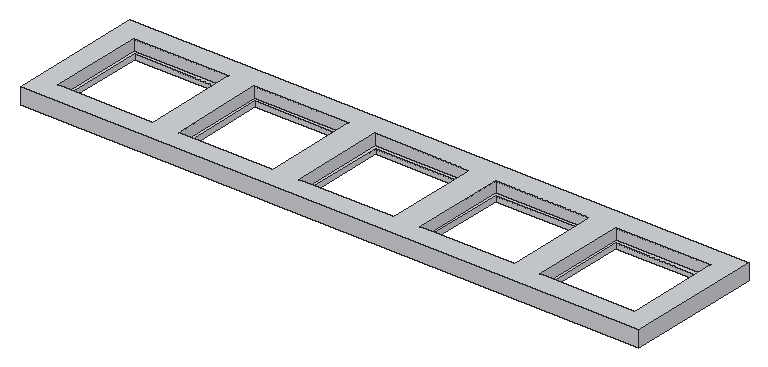
Revit family "Gira_021525", category Electrical Fixtures, host Face, Revit 2017
Family settings
  Host = Face
  Maintain Annotation Orientation = No
  Round Connector Dimension = Use Diameter
  Part Type = Normal
  Cut with Voids When Loaded = No
  Shared = No
  Room Calculation Point = No
Parameters (values of type "Cov.fr. 5-g Gira E2 c.alum.")
  With mounting grid = "No"
  With hinged lid = "No"
  URL = "http://katalog.gira.de/en/datenblatt.html?artikelnr=021525"
  Type of fastening = "Clamp mounting"
  Transparent = "No"
  Surface protection = "Other"
  Suitable for wall duct = "No"
  Suitable for flush-mounted installation = "Yes"
  Suitable for floor box = "No"
  Suitable for built-in installation = "No"
  Number of units vertical = "5"
  Number of units horizontal = "5"
  Number of units = "5"
  Name = "Cov.fr. 5-g Gira E2 c.alum."
  Mounting direction = "Horizontal and vertical"
  Material quality = "Thermoplastic"
  Material = "Plastic"
  Manufacturer URL = "https://www.gira.de/"
  Manufacturer = "Gira"
  Label space/information surface = "No"
  Keynote = ""
  HeinzeBIM = "https://bimportal.heinze.de/bim/cov-fr-5-g-gira-e2-c-alum-/e97a1bcb3f97bbfc125278108038146856ff2e92"
  Halogen free = "Yes"
  HAN = "021525"
  GTIN = "4010337215257"
  Description = "Cov.fr.5g E2 CAl,Gira E2 cover frame,colour aluminium,5-gang,Features:,- Shatter-proof.,,Notes :,- Also suitable for duct installation.,- In connection with the seal kit, frame (1-gang to 5-gang) is also suitable for installation as water-protected flush-mounted IP44."
  Degree of protection (IP) = "IP20"
  Default Elevation = 1219.2 mm
  Data sheet (1) = "https://katalog.gira.de/en/download.html?artikelnr=021525"
  Colour = "Aluminium"
  Category = "Cover frame for domestic switching devices"
  BIM (1) = "https://media.stage.bim.site/public/gira/36a6b08/E2_Rahmen_5fach.rfa"
  Available = "No"
Reference planes
  plane 1 "Center (Front/Back)": y = 0
  plane 2: z = 0
  plane 3 "Center (Left/Right)": x = 0
Forms (mm)
  Extrusion 1, solid, detail levels fine
    sketch origin (0, 0, 0) x (1, 0, 0) y (0, 1, 0)
      loop
        line (183, 40.4) -> (-183, 40.4) -> (-183, -40.4) -> (183, -40.4) -> (183, 40.4)
      loop
        line (114.548, 28.052) -> (114.548, -28.052) -> (170.652, -28.052) -> (170.652, 28.052) -> (114.548, 28.052)
      loop
        line (43.248, 28.052) -> (43.248, -28.052) -> (99.352, -28.052) -> (99.352, 28.052) -> (43.248, 28.052)
      loop
        line (-28.052, 28.052) -> (-28.052, -28.052) -> (28.052, -28.052) -> (28.052, 28.052) -> (-28.052, 28.052)
      loop
        line (-99.352, 28.052) -> (-99.352, -28.052) -> (-43.248, -28.052) -> (-43.248, 28.052) -> (-99.352, 28.052)
      loop
        line (-170.652, 28.052) -> (-170.652, -28.052) -> (-114.548, -28.052) -> (-114.548, 28.052) -> (-170.652, 28.052)
    from 0 to 9.3
  Extrusion 2, solid, detail levels fine
    sketch origin (-142.5, 0, 0) x (1, 0, 0) y (0, 1, 0)
      loop
        line (-28.152, -28.152) -> (28.152, -28.152) -> (28.152, 28.152) -> (-28.152, 28.152) -> (-28.152, -28.152)
      loop
        line (25.9, -25.7) -> (25.9, 25.7) -> (-25.9, 25.7) -> (-25.9, -25.7) -> (25.9, -25.7)
    from 0 to 3
  Extrusion 3, solid, detail levels coarse+medium
    sketch origin (0, 0, 0) x (1, 0, 0) y (0, 1, 0)
      loop
        line (183, 40.4) -> (-183, 40.4) -> (-183, -40.4) -> (183, -40.4) -> (183, 40.4)
    from 0 to 9.3
  Extrusion 4, solid, detail levels fine
    sketch origin (0.1, -0.047, 0) x (1, 0, 0) y (0, 1, 0)
      loop
        line (-28.152, -28.106) -> (28.152, -28.106) -> (28.152, 28.199) -> (-28.152, 28.199) -> (-28.152, -28.106)
      loop
        line (25.9, -25.653) -> (25.9, 25.747) -> (-25.9, 25.747) -> (-25.9, -25.653) -> (25.9, -25.653)
    from 0 to 3
  Extrusion 5, solid, detail levels fine
    sketch origin (142.5, -0.047, 0) x (1, 0, 0) y (0, 1, 0)
      loop
        line (-27.952, -28.006) -> (28.152, -28.006) -> (28.152, 28.099) -> (-27.952, 28.099) -> (-27.952, -28.006)
      loop
        line (26, -25.653) -> (26, 25.747) -> (-25.9, 25.747) -> (-25.9, -25.653) -> (26, -25.653)
    from 0 to 3
  Extrusion 6, solid, detail levels fine
    sketch origin (71.2, -0.047, 0) x (1, 0, 0) y (0, 1, 0)
      loop
        line (-27.952, -28.006) -> (28.152, -28.006) -> (28.152, 28.099) -> (-27.952, 28.099) -> (-27.952, -28.006)
      loop
        line (26, -25.653) -> (26, 25.747) -> (-25.9, 25.747) -> (-25.9, -25.653) -> (26, -25.653)
    from 0 to 3
  Extrusion 7, solid, detail levels fine
    sketch origin (-71.2, -0.047, 0) x (1, 0, 0) y (0, 1, 0)
      loop
        line (-28.152, -28.106) -> (28.152, -28.106) -> (28.152, 28.199) -> (-28.152, 28.199) -> (-28.152, -28.106)
      loop
        line (25.9, -25.653) -> (25.9, 25.747) -> (-25.9, 25.747) -> (-25.9, -25.653) -> (25.9, -25.653)
    from 0 to 3
Dimensions and locks
  aligned and locked: plane 2 to host face
  aligned and locked: level to host face
